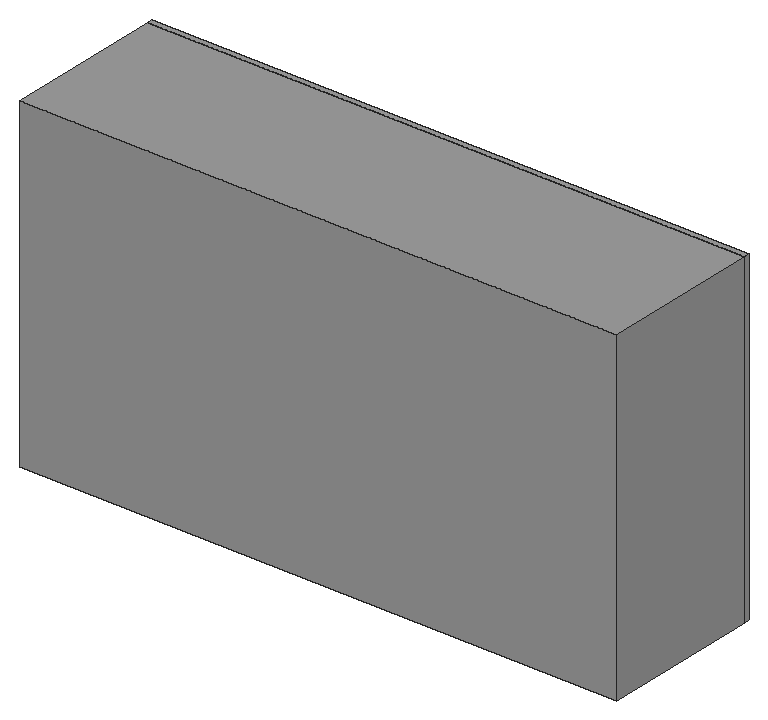
Revit family "Kubus M LED 1-s Sentr (høyre_veggmontasje)", category Lighting Fixtures, Revit 2013
Parameters (values of type "23m")
  Width = 70 mm
  Wattage Comments = "17 W"
  Wattage = 9.2903 W
  built-in parameter 1150110 = 1 (stored number, unit not read)
  Voltage = 230 V
  URL = ""
  built-in parameter 1114217 = 1 (stored number, unit not read)
  Tilt Angle = 90.00°
  built-in parameter 1150109 = 1 (stored number, unit not read)
  built-in parameter 1150134 = 3
  Symbol Positive Direction [instance] = yes
  Symbol Offset Side [instance] = 0 mm
  Symbol Offset Out [instance] = 0 mm
  built-in parameter 1150113 = 1 (stored number, unit not read)
  Reference Line Out [instance] = 50 mm
  Photometric Web File = "20x42A12.ies"
  Number of Poles = 1
  built-in parameter 1150105 = 109.82 (stored number, unit not read)
  Lumens = 1380 lm
  built-in parameter 1150115 = 1 (stored number, unit not read)
  Load Classification [instance] = Other
  Model = ""
  Manufacturer = ""
  built-in parameter 1150137 = (empty or 0)
  built-in parameter 1150139 = (empty or 0)
  Length 1 = Length - 30 mm  # 225 mm
  Length = 255 mm
  built-in parameter 1150112 = 1 (stored number, unit not read)
  built-in parameter 1150114 = 1 (stored number, unit not read)
  Lamp = "1"
  built-in parameter 1150132 = (empty or 0)
  built-in parameter 1150102 = (empty or 0)
  built-in parameter 1150107 = 3200 (stored number, unit not read)
  built-in parameter 1150138 = (empty or 0)
  built-in parameter 1150106 = 1.0982 (stored number, unit not read)
  Height 1 = Height - 30 mm  # 110 mm
  Height = 140 mm
  Emit from Rectangle Width = Height  # 140 mm
  Emit from Rectangle Length = Length  # 255 mm
  Emit Shape Visible in Rendering = no
  built-in parameter 1150104 = 13.8 (stored number, unit not read)
  Dimming Lamp Color Temperature Shift = <None>
  Description = ""
  Color Filter = 16777215
  Body Material and Colour = Default
  built-in parameter 1114218 = 1 (stored number, unit not read)
  built-in parameter 1150133 = 10 (stored number, unit not read)
  Assembly Code = ""
  Apparent Load = 17 VA
  60m = no
  35m = no
  23m = yes
Types (3, lengths in mm): name | Reference Line Out | Length 1 | Length | Height 1 | Height | Emit from Rectangle Width | Emit from Rectangle Length | 60m | 35m | 23m
  23m | 50 | 225 | 255 | 110 | 140 | 140 | 255 | no | no | yes
  35m | 291.501 | 346 | 376 | 170 | 200 | 200 | 376 | no | yes | no
  60m | 50 | 575 | 605 | 285 | 315 | 315 | 605 | yes | no | no
Reference planes
  plane 1 "Light Source Axis (F/B)": y = 119.961
  plane 2 "Top": z = 83
  plane 3 "Light Source Axis (L/R)": x = 0
  plane 4 "Level": z = 0
  plane 5 "Bottom": z = -140
  plane 6: x = -127.5
  plane 7: x = 127.5
  plane 8: y = 187.961
  plane 9: y = 189.961
  plane 10: z = -15
  plane 11: x = -112.5
  plane 12: x = 112.5
  plane 13: z = -70
  plane 14: z = -125
Forms (mm)
  Extrusion 1, solid, material "Default" <- "Body Material and Colour"
    sketch origin (0, 119.961, 0) x (1, 0, 0) y (0, 0, 1)
      loop
        line (-127.5, 0) -> (-127.5, -140) -> (127.5, -140) -> (127.5, 0) -> (-127.5, 0)
    from 0 to -68
  Extrusion 2, solid, material "Default" <- "Body Material and Colour"
    sketch origin (0, 119.961, 0) x (1, 0, 0) y (0, 0, 1)
      loop
        line (-127.5, 0) -> (-127.5, -140) -> (127.5, -140) -> (127.5, 0) -> (-127.5, 0)
      loop
        line (-112.5, -15) -> (-112.5, -125) -> (112.5, -125) -> (112.5, -15) -> (-112.5, -15)
    from -70 to -68
Lines and regions (mm)
  model lines, style "InvisibleLines"
    curve 1: line (0, 119.961, 0) -> (0, 169.961, 0)
Dimensions and locks
  equal spacing: plane 6, plane 3 "Light Source Axis (L/R)", plane 7
  "Length": plane 6 to plane 7
  plane 8 to plane 1 "Light Source Axis (F/B)" = 68 mm
  locked: plane 9 to plane 8 at 2
  equal spacing: plane 4 "Level", plane 13, plane 5 "Bottom"
  "Height": plane 4 "Level" to plane 5 "Bottom"
  equal spacing: plane 11, plane 3 "Light Source Axis (L/R)", plane 12
  "Length 1": plane 11 to plane 12
  equal spacing: plane 10, plane 13, plane 14
  "Height 1": plane 10 to plane 14
  "Width": plane 1 "Light Source Axis (F/B)" to plane 9
  "Reference Line Out": plane 1 "Light Source Axis (F/B)" to curve 1
  aligned and locked: plane 4 "Level" to level
  aligned and locked: plane 8 to nested 2
  aligned and locked: nested 2 to plane 13
  aligned and locked: plane 3 "Light Source Axis (L/R)" to nested 3
  aligned and locked: plane 1 "Light Source Axis (F/B)" to nested 3
  aligned and locked: plane 8 to nested 1
  aligned and locked: plane 4 "Level" to Extrusion 1 sketch curve
  aligned and locked: plane 6 to Extrusion 1 sketch curve
  aligned and locked: plane 5 "Bottom" to Extrusion 1 sketch curve
  aligned and locked: Extrusion 1 sketch curve to plane 7
  aligned and locked: Extrusion 1 to plane 8
  aligned and locked: plane 1 "Light Source Axis (F/B)" to Extrusion 1
  aligned and locked: plane 4 "Level" to Extrusion 2 sketch curve
  aligned and locked: Extrusion 2 sketch curve to plane 7
  aligned and locked: plane 5 "Bottom" to Extrusion 2 sketch curve
  aligned and locked: plane 6 to Extrusion 2 sketch curve
  aligned and locked: Extrusion 2 sketch curve to plane 10
  aligned and locked: plane 11 to Extrusion 2 sketch curve
  aligned and locked: plane 14 to Extrusion 2 sketch curve
  aligned and locked: Extrusion 2 sketch curve to plane 12
  aligned and locked: plane 8 to Extrusion 2
  aligned and locked: Extrusion 2 to plane 9
  aligned and locked: nested 1 to plane 13
  aligned and locked: plane 13 to nested 4
  aligned and locked: plane 3 "Light Source Axis (L/R)" to nested 4
  aligned and locked: plane 8 to nested 4
  aligned and locked: imposter light to plane 9
  aligned and locked: plane 13 to imposter light
  aligned and locked: plane 1 "Light Source Axis (F/B)" to curve 1
  aligned and locked: plane 3 "Light Source Axis (L/R)" to curve 1
Nested families
  nested 1: "23m_høyre" at (0, 187.961, -70), visible <- "23m", type "23m"
  nested 2: "35m_høyre" at (0, 187.961, -70), visible <- "35m", type "35m"
  nested 3: "MarkeringslysS" at (0, 119.961, 0), type "Type 1"
  nested 4: "60m_høyre" at (0, 189.961, -70), visible <- "60m", type "60m"
Connectors
  electrical at (0, 119.961, 0), driven by "Number of Poles", driven by "Load Classification", driven by "Voltage", driven by "Apparent Load"
    settings: index 1, voltage 230 V, apparent load 0 VA, apparent load phase1 17 VA, apparent load phase2 0 VA, apparent load phase3 0 VA, power factor 1, load classification "Other", number of poles 1, system type 31, power factor state 1, is connector primary yes, connector utility no, sub classification motor no, connector description ""
Definition of nested family "23m_høyre"
  Parameters (values of type "23m")
    Material = yes
    L = 205 mm
    H = 135 mm
  Reference planes
    plane 1 "Center (Front/Back)": y = 0
    plane 2: z = 0
    plane 3 "Center (Left/Right)": x = 0
    plane 4: y = -2
  Forms (mm)
    Extrusion 1, solid, material "Green", visible <- "Material"
      sketch origin (453.48, 0, -265.275) x (1, 0, 0) y (0, 0, 1)
        loop
          line (-565.98, 320.275) -> (-565.98, 210.275) -> (-340.98, 210.275) -> (-340.98, 320.275) -> (-565.98, 320.275)
        loop
          line (-525.951, 244.275) -> (-512.951, 244.275) -> (-528.117, 259.441) -> (-463.951, 259.441) -> (-463.951, 272.441) -> (-528.117, 272.441) -> (-512.951, 287.608) -> (-525.951, 287.608) -> (-547.617, 265.941) -> (-525.951, 244.275)
        loop
          circle (-432.193, 303.483) r 7
        loop
          line (-426.459, 291.17) -> (-430.11, 287.519) -> (-426.017, 280.43) -> (-437.639, 270.677)
          arc (-437.639, 270.677) -> (-438.324, 269.361) -> (-437.878, 267.946) r 1.939
          line (-437.878, 267.946) -> (-436.216, 265.965)
          arc (-436.216, 265.965) -> (-434.9, 265.28) -> (-433.485, 265.726) r 1.939
          line (-433.485, 265.726) -> (-422.735, 274.746) -> (-417.813, 266.22) -> (-429.103, 256.746) -> (-429.103, 225.892)
          arc (-429.103, 225.892) -> (-428.157, 223.607) -> (-425.872, 222.661) r 3.232
          line (-425.872, 222.661) -> (-422.64, 222.661)
          arc (-422.64, 222.661) -> (-420.355, 223.607) -> (-419.409, 225.892) r 3.232
          line (-419.409, 225.892) -> (-419.409, 252.226) -> (-412.891, 257.695) -> (-407.727, 248.752) -> (-374.165, 248.752)
          arc (-374.165, 248.752) -> (-371.88, 249.699) -> (-370.934, 251.984) r 3.232
          line (-370.934, 251.984) -> (-370.934, 255.215)
          arc (-370.934, 255.215) -> (-371.88, 257.5) -> (-374.165, 258.447) r 3.232
          line (-374.165, 258.447) -> (-390.935, 258.447) -> (-407.211, 286.638) -> (-390.394, 283.363) -> (-384.337, 272.872)
          arc (-384.337, 272.872) -> (-383.11, 271.956) -> (-381.602, 272.215) r 1.939
          line (-381.602, 272.215) -> (-379.363, 273.669)
          arc (-379.363, 273.669) -> (-378.522, 274.892) -> (-378.792, 276.351) r 1.939
          line (-378.792, 276.351) -> (-387.221, 289.33) -> (-420.848, 295.878) -> (-426.459, 291.17)
      from 0 to 2
  Dimensions and locks
    Extrusion 1 sketch curve to plane 3 "Center (Left/Right)" to Extrusion 1 sketch curve = 112.5 mm, 112.5 mm
    aligned and locked: level to plane 2
Definition of nested family "35m_høyre"
  Parameters (values of type "35m")
    Material = yes
    L = 425.577 mm
    H = 260 mm
  Reference planes
    plane 1 "Center (Front/Back)": y = 0
    plane 2: z = 0
    plane 3 "Center (Left/Right)": x = 0
    plane 4: y = -2
  Forms (mm)
    Extrusion 1, solid, material "Green", visible <- "Material"
      sketch origin (0, 0, 0) x (1, 0, 0) y (0, 0, 1)
        loop
          line (-173, 85) -> (-173, -85) -> (173, -85) -> (173, 85) -> (-173, 85)
        loop
          line (-117.05, 41.815) -> (-158.866, 0) -> (-117.05, -41.815) -> (-92.228, -41.815) -> (-121.677, -12.367) -> (-17.154, -12.367) -> (-17.154, 12.633) -> (-121.41, 12.633) -> (-92.228, 41.815) -> (-117.05, 41.815)
        loop
          circle (41.697, 48.678) r 8.988
        loop
          line (49.059, 32.868) -> (44.372, 28.181) -> (49.627, 19.078) -> (34.704, 6.556)
          arc (34.704, 6.556) -> (33.824, 4.865) -> (34.397, 3.048) r 2.49
          line (34.397, 3.048) -> (36.531, 0.505)
          arc (36.531, 0.505) -> (38.221, -0.375) -> (40.038, 0.198) r 2.49
          line (40.038, 0.198) -> (53.841, 11.78) -> (60.161, 0.833) -> (45.664, -11.332) -> (45.664, -50.949)
          arc (45.664, -50.949) -> (46.879, -53.883) -> (49.813, -55.098) r 4.149
          line (49.813, -55.098) -> (53.963, -55.098)
          arc (53.963, -55.098) -> (56.897, -53.883) -> (58.112, -50.949) r 4.149
          line (58.112, -50.949) -> (58.112, -17.137) -> (66.481, -10.114) -> (73.111, -21.597) -> (116.205, -21.597)
          arc (116.205, -21.597) -> (119.139, -20.381) -> (120.355, -17.447) r 4.149
          line (120.355, -17.447) -> (120.355, -13.298)
          arc (120.355, -13.298) -> (119.139, -10.364) -> (116.205, -9.148) r 4.149
          line (116.205, -9.148) -> (94.672, -9.148) -> (73.774, 27.049) -> (95.367, 22.844) -> (103.145, 9.373)
          arc (103.145, 9.373) -> (104.72, 8.197) -> (106.657, 8.53) r 2.49
          line (106.657, 8.53) -> (109.532, 10.397)
          arc (109.532, 10.397) -> (110.611, 11.967) -> (110.264, 13.841) r 2.49
          line (110.264, 13.841) -> (99.442, 30.506) -> (56.264, 38.913) -> (49.059, 32.868)
      from 0 to 2
  Dimensions and locks
    aligned and locked: level to plane 2
    aligned and locked: plane 4 to Extrusion 1
    aligned and locked: Extrusion 1 to plane 1 "Center (Front/Back)"
    aligned and locked: Extrusion 1 to plane 4
Definition of nested family "60m_høyre"
  Parameters (values of type "60m")
    Material = yes
    L = 425.577 mm
    H = 260 mm
  Reference planes
    plane 1 "Center (Front/Back)": y = 0
    plane 2: z = 0
    plane 3 "Center (Left/Right)": x = 0
    plane 4: y = -2
  Forms (mm)
    Extrusion 1, solid, material "Green", visible <- "Material"
      sketch origin (0, 0, 0) x (1, 0, 0) y (0, 0, 1)
        loop
          line (-287.5, 142.5) -> (-287.5, -142.5) -> (287.5, -142.5) -> (287.5, 142.5) -> (-287.5, 142.5)
        loop
          line (-187.156, -67.598) -> (-146.324, -67.598) -> (-193.962, -19.96) -> (-23.827, -19.96) -> (-23.827, 20.873) -> (-193.962, 20.873) -> (-146.324, 68.51) -> (-187.156, 68.51) -> (-255.21, 0.456) -> (-187.156, -67.598)
        loop
          circle (89.224, 88.058) r 17.538
        loop
          line (103.589, 57.208) -> (94.443, 48.062) -> (104.697, 30.3) -> (75.578, 5.866)
          arc (75.578, 5.866) -> (73.861, 2.568) -> (74.979, -0.978) r 4.858
          line (74.979, -0.978) -> (79.143, -5.94)
          arc (79.143, -5.94) -> (82.441, -7.657) -> (85.987, -6.539) r 4.858
          line (85.987, -6.539) -> (112.919, 16.06) -> (125.251, -5.3) -> (96.964, -29.037) -> (96.964, -106.339)
          arc (96.964, -106.339) -> (99.335, -112.064) -> (105.06, -114.436) r 8.097
          line (105.06, -114.436) -> (113.157, -114.436)
          arc (113.157, -114.436) -> (118.882, -112.064) -> (121.254, -106.339) r 8.097
          line (121.254, -106.339) -> (121.254, -40.363) -> (137.584, -26.66) -> (150.52, -49.066) -> (234.607, -49.066)
          arc (234.607, -49.066) -> (240.332, -46.695) -> (242.704, -40.969) r 8.097
          line (242.704, -40.969) -> (242.704, -32.873)
          arc (242.704, -32.873) -> (240.332, -27.148) -> (234.607, -24.776) r 8.097
          line (234.607, -24.776) -> (192.591, -24.776) -> (151.813, 45.854) -> (193.947, 37.65) -> (209.123, 11.364)
          arc (209.123, 11.364) -> (212.196, 9.069) -> (215.976, 9.718) r 4.858
          line (215.976, 9.718) -> (221.586, 13.362)
          arc (221.586, 13.362) -> (223.692, 16.426) -> (223.014, 20.082) r 4.858
          line (223.014, 20.082) -> (201.898, 52.599) -> (117.647, 69.004) -> (103.589, 57.208)
      from 0 to 2
  Dimensions and locks
    aligned and locked: level to plane 2
    aligned and locked: Extrusion 1 to plane 4  (x2)
    aligned and locked: Extrusion 1 to plane 1 "Center (Front/Back)"
Definition of nested family "MarkeringslysS"
  Parameters (values of type "Type 1")
    CQ Symbol Positive Direction = yes
    CQ Symbol Negative Direction = not(CQ Symbol Positive Direction)  # no
    CQ Symbol Offset Side = 0 mm
    CQ Symbol Offset Out = 0 mm
  Reference planes
    plane 1: y = 0
    plane 2: x = 0
  Dimensions and locks
    "CQ Symbol Offset Out": plane 1 to nested 1
    "CQ Symbol Offset Out": plane 1 to nested 2
    "CQ Symbol Offset Side": plane 2 to nested 2
    "CQ Symbol Offset Side": nested 1 to plane 2
  Nested families
    nested 1: "LedelysSub" at (0, 0, 0), visible <- "CQ Symbol Negative Direction", type "Type 1"
    nested 2: "LedelysSub" at (0, 0, 0), visible <- "CQ Symbol Positive Direction", type "Type 1"
  Definition of nested family "LedelysSub"
    Reference planes
      plane 1: y = 0
      plane 2: x = 0
    Lines and regions (mm)
      Filled region 1, type "Filled region 1"
        outline origin (64.576, 53.459, 0) x (1, 0, 0) y (0, 1, 0)
          loop
            arc (-65.575, -52.307) -> (-65.224, -51.459) -> (-65.575, -50.61) r 1.2
            line (-65.575, -50.61) -> (-66.424, -51.459) -> (-65.575, -52.307)
      Filled region 2, type "Filled region 1"
        outline origin (-68.271, 53.459, 0) x (0, 1, 0) y (-1, 0, 0)
          loop
            line (-52.307, -65.575) -> (-51.459, -66.424) -> (-50.61, -65.575)
            arc (-50.61, -65.575) -> (-51.459, -65.224) -> (-52.307, -65.575) r 1.2
      detail lines
        curve 1: line (-4, 0, 0) -> (4, 0, 0)
        curve 2: line (4, 0, 0) -> (4, 4, 0)
        curve 3: line (4, 4, 0) -> (-4, 4, 0)
        curve 4: line (-4, 4, 0) -> (-4, 0, 0)
        curve 5: line (-3.097, 0.75, 0) -> (-0.597, 3.25, 0)
        curve 6: line (-3.097, 3.25, 0) -> (-0.597, 0.75, 0)
        curve 7: circle (-1.847, 2, 0) r 1.2 normal (0, 0, 1)
    Text (mm)
      text "ML" at (2.179, 3.025, 0)
    Dimensions and locks
      aligned and locked: Filled region 1 sketch curve to curve 7
